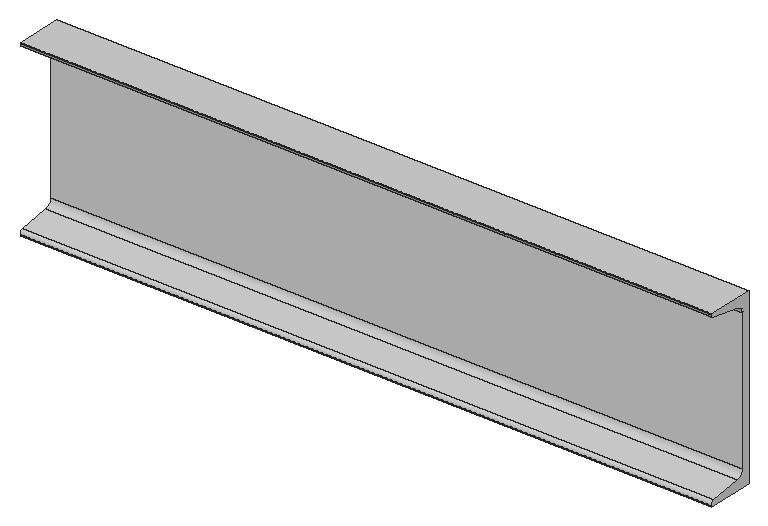
Revit family "C Shapes", category Structural Framing, Revit 2020
Family settings
  Structural Framing Length Roundoff = 0' - 0"
  Section Shape = C-channel Sloped Flange
  Material for Model Behavior = Steel
  Always export as geometry = No
  Code Name = AISC 14.1
  OmniClass Number = 23.25.30.11.14.14
  OmniClass Title = Beams
  Always vertical = Yes
  Cut with Voids When Loaded = No
  Symbolic Representation = From Project Settings
  Shared = No
  Show family pre-cut in plan views = Yes
Parameters (values of type "C12X30")
  Width = 0' - 3.17"
  Web Thickness = 0.5100"
  Web Fillet = 0.5010"
  Warping Constant = 151.00 in6
  Torsional Moment of Inertia = 0.8610 in4
  Structural Material [instance] = Steel ASTM A36
  Sloped Flange Angle = 9.46°
  Section Name Key = ""
  Section Area = 8.81 in²
  Principal Axes Angle = 0.00°
  Plastic Modulus weak axis = 4.320 in³
  Plastic Modulus strong axis = 33.800 in³
  Nominal Weight = 30.00 lbf/ft
  Moment of Inertia weak axis = 5.1200 in4
  Moment of Inertia strong axis = 162.0000 in4
  Height = 1' - 0"
  Flange Thickness Location = 1.3300"
  Flange Thickness = 0.5010"
  Flange Fillet = 0.2505"
  Elastic Modulus weak axis = 2.050 in³
  Elastic Modulus strong axis = 27.000 in³
  Centroid Vertical = Height / 2  # 6.0000"
  Centroid Horizontal = 0' - 0.674"
  Bolt Spacing = 0' - 1 3/4"
  Assembly Code = "B10"
  Length [instance] = 5' - 0"
Types (2): name | Width | Web Thickness | Web Fillet | Warping Constant | Torsional Moment of Inertia | Section Area | Plastic Modulus weak axis | Plastic Modulus strong axis | Nominal Weight | Moment of Inertia weak axis | Moment of Inertia strong axis | Height | Flange Thickness Location | Flange Thickness | Flange Fillet | Elastic Modulus weak axis | Elastic Modulus strong axis | Centroid Vertical | Centroid Horizontal | Bolt Spacing
  C12X30 | 0' - 3.17" | 0.5100" | 0.5010" | 151.00 in6 | 0.8610 in4 | 8.81 in² | 4.320 in³ | 33.800 in³ | 30.00 lbf/ft | 5.1200 in4 | 162.0000 in4 | 1' - 0" | 1.3300" | 0.5010" | 0.2505" | 2.050 in³ | 27.000 in³ | 6.0000" | 0' - 0.674" | 0' - 1 3/4"
  C15X33.9 | 0' - 3.4" | 0.4000" | 0.6500" | 358.00 in6 | 1.0100 in4 | 10.00 in² | 6.190 in³ | 50.800 in³ | 33.90 lbf/ft | 8.0700 in4 | 315.0000 in4 | 1' - 3" | 1.5000" | 0.6500" | 0.3250" | 3.090 in³ | 42.000 in³ | 7.5000" | 0' - 0.788" | 0' - 2"
Reference planes (in)
  plane 1 "Center (Front/Back)": y = 0
  plane 2: z = 0
  plane 3 "Center (Left/Right)": x = 0.1815
  plane 4 "Member Left": x = -23.8185
  plane 5 "Member Right": x = 24.1815
  plane 6 "Center Left/Right": y = 0.674
  plane 7: y = -2.496
  plane 8 "Top": z = 6
  plane 9: z = -6
  plane 10 "Left": x = -29.8185
  plane 11 "Right": x = 30.1815
Forms (in)
  Sweep 1, solid, material "Steel ASTM A36" <- "Structural Material", detail levels fine
    path origin (0, 0, 0) x (1, 0, 0) y (0, 1, 0)
      loop
        line (-23.8185, 0) -> (24.1815, 0)
    profile "C-Shape-Profile-Fine : C-Shape-Profile-Fine" origin (0.1815, 0, 0) x (0, 1, 0) y (0, 0, 1)
      loop
        line (-2.496, 6) -> (-2.496, 5.93283)
        arc (-2.496, 5.93283) -> (-2.43663, 5.7709) -> (-2.28667, 5.68573) r 0.2505
        line (-2.28667, 5.68573) -> (-1.166, 5.499) -> (-0.25466, 5.34715)
        arc (-0.25466, 5.34715) -> (0.04527, 5.1768) -> (0.164, 4.85296) r 0.501
        line (0.164, 4.85296) -> (0.164, -4.85296)
        arc (0.164, -4.85296) -> (0.04527, -5.1768) -> (-0.25466, -5.34715) r 0.501
        line (-0.25466, -5.34715) -> (-1.166, -5.499) -> (-2.28667, -5.68573)
        arc (-2.28667, -5.68573) -> (-2.43663, -5.7709) -> (-2.496, -5.93283) r 0.2505
        line (-2.496, -5.93283) -> (-2.496, -6) -> (0.674, -6) -> (0.674, 6) -> (-2.496, 6)
  Sweep 2, solid, material "Steel ASTM A36" <- "Structural Material", detail levels medium
    path origin (0, 0, 0) x (1, 0, 0) y (0, 1, 0)
      loop
        line (-23.8185, 0) -> (24.1815, 0)
    profile "C-Shape-Profile-Medium : C-Shape-Profile-Medium" origin (0.1815, 0, 0) x (0, 1, 0) y (0, 0, 1)
      loop
        line (-2.496, 6) -> (-2.496, 5.72061) -> (-1.166, 5.499) -> (0.164, 5.27739) -> (0.164, -5.27739) -> (-1.166, -5.499) -> (-2.496, -5.72061) -> (-2.496, -6) -> (0.674, -6) -> (0.674, 6) -> (-2.496, 6)
Lines and regions (in)
  symbolic lines, style "Hidden Faces", detail levels medium+fine
    curve 1: line (-23.8185, 0.674, 5.72061) -> (24.1815, 0.674, 5.72061)
    curve 2: line (-23.8185, 0.674, -5.72061) -> (24.1815, 0.674, -5.72061)
    curve 6: line (-23.8185, 0.164, 0) -> (24.1815, 0.164, 0)
  symbolic lines, style "Stick Symbols", detail levels coarse
    curve 3: line (0.1815, 0.674, -6) -> (0.1815, 0.674, 6)
    curve 4: line (0.1815, 0.674, 6) -> (0.1815, -2.496, 6)
    curve 5: line (0.1815, 0.674, -6) -> (0.1815, -2.496, -6)
Dimensions and locks (in)
  "Width": plane 6 "Center Left/Right" to plane 7
  "Height": plane 9 to plane 8 "Top"
  "Centroid Horizontal": plane 6 "Center Left/Right" to plane 1 "Center (Front/Back)"
  equal spacing: plane 9, plane 2, plane 8 "Top"
  "Length": plane 10 "Left" to plane 11 "Right"
  aligned and locked: plane 4 "Member Left" to curve 6
  aligned and locked: plane 5 "Member Right" to curve 6
  aligned and locked: plane 4 "Member Left" to curve 1
  aligned and locked: plane 4 "Member Left" to curve 2
  aligned and locked: plane 5 "Member Right" to curve 1
  aligned and locked: plane 5 "Member Right" to curve 2
  aligned and locked: plane 4 "Member Left" to Sweep 1 sketch curve
  aligned and locked: plane 1 "Center (Front/Back)" to Sweep 1 sketch curve
  aligned and locked: plane 5 "Member Right" to Sweep 1 sketch curve
  aligned and locked: plane 4 "Member Left" to Sweep 2 sketch curve
  aligned and locked: plane 1 "Center (Front/Back)" to Sweep 2 sketch curve
  aligned and locked: plane 5 "Member Right" to Sweep 2 sketch curve
  aligned and locked: curve 2 to Sweep 2
  aligned and locked: curve 1 to Sweep 2
  aligned and locked: curve 6 to Sweep 2
  aligned and locked: plane 8 "Top" to curve 4
  aligned and locked: curve 3 to plane 6 "Center Left/Right"
  aligned and locked: plane 9 to curve 5
  aligned and locked: plane 2 to level
Automatic sketch dimensions
  curve 5 to plane 7 = 0' - 0"
  curve 4 to plane 7 = 0' - 0"
